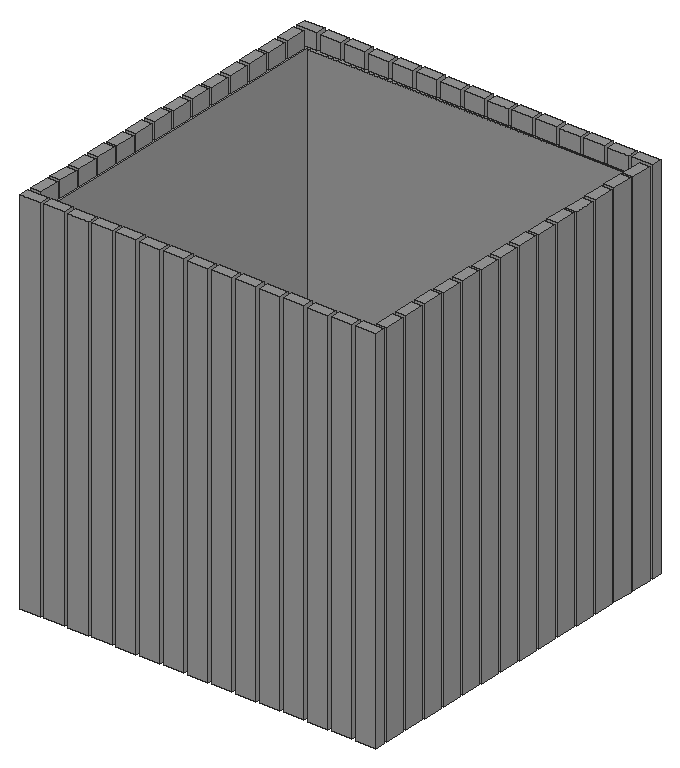
Revit family "5972 Вазон «Олеандр» Хоббика", category Антураж, Revit 2018
Family settings
  На основе рабочей плоскости = Нет
  Всегда вертикально = Да
  При загрузке вырезать с полостями = Нет
  Источник визуального образа = Геометрия семейства
  Общий = Нет
  Точка расчета площади = Нет
Parameters (values of type "Версия 700х700")
  Ширина = Длина  # 700 mm
  Цвет отделки = Дерево
  Цвет каркаса = Сталь
  Описание = if(Версия 700х700, "Вазон «Олеандр». Версия 700х700 мм", if(Версия 1000х1000, "Вазон «Олеандр». Версия 1000х1000 мм", "Вазон «Олеандр». Версия 1300х1300 мм"))  # "Вазон «Олеандр». Версия 700х700 мм"
  Материал изделия = "Сталь, Дерево"  # constant formula
  Изображение типоразмера = Вазон «Олеандр» Арт 59972.jpg
  Изготовитель = "ООО «Хоббика»"  # constant formula
  Длина = if(Версия 700х700, 700 mm, if(Версия 1000х1000, 1000 mm, 1300 mm))  # 700 mm
  Группа модели = "Цветочницы и уличные вазоны для цветов"  # constant formula
  Высота = if(Версия 700х700, 730 mm, if(Версия 1000х1000, 1000 mm, 1300 mm))  # 730 mm
  Версия 700х700 = yes
  Версия 1300х1300 = no
  Версия 1000х1000 = no
  Артикул товара = "Арт. 59972"  # constant formula
  URL = "https://hobbyka.ru/product/vazon_dlya_tsvetov_oleandr/"
Reference planes
  plane 1 "По центру (Вперед/Назад)": y = 0
  plane 2: z = 0
  plane 3 "По центру (Влево/Вправо)": x = 0
  plane 4: x = 700
  plane 5: y = 700
  plane 6: z = 730
Dimensions and locks
  "Ширина": plane 5 to plane 1 "По центру (Вперед/Назад)"
  "Длина": plane 3 "По центру (Влево/Вправо)" to plane 4
  "Высота": plane 6 to plane 2
  aligned and locked: level to plane 2
  aligned and locked: plane 1 "По центру (Вперед/Назад)" to nested 2
  aligned and locked: plane 1 "По центру (Вперед/Назад)" to nested 1
  aligned and locked: plane 3 "По центру (Влево/Вправо)" to nested 2
  aligned and locked: plane 3 "По центру (Влево/Вправо)" to nested 1
  aligned and locked: plane 1 "По центру (Вперед/Назад)" to nested 3
  aligned and locked: plane 3 "По центру (Влево/Вправо)" to nested 3
Nested families
  nested 1: "Вазон «Олеандр» Арт 59972 1300х1300" at (0, 0, 0), visible <- "Версия 1300х1300", type "Вазон «Олеандр» Арт 59972 1300х1300"
  nested 2: "Вазон «Олеандр» Арт 59972 700х700" at (0, 0, 0), visible <- "Версия 700х700", type "Вазон «Олеандр» Арт 59972 700х700"
  nested 3: "Вазон «Олеандр» Арт 59972 1000х1000" at (0, 0, 0), visible <- "Версия 1000х1000", type "Вазон «Олеандр» Арт 59972 1000х1000"
Definition of nested family "Вазон «Олеандр» Арт 59972 1300х1300"
  Parameters (values of type "Вазон «Олеандр» Арт 59972 1300х1300")
    Ширина = 1300 mm
    Цвет отделки = none
    Цвет каркаса = none
    Длина = 1300 mm
    Height = 1300 mm
  Reference planes
    plane 1 "По центру (Вперед/Назад)": y = 0
    plane 2: z = 0
    plane 3 "По центру (Влево/Вправо)": x = 0
    plane 4: x = 1300
    plane 5: y = 1300
    plane 6: z = 1300
  Forms (mm)
    Extrusion 1, solid, material <- "Цвет отделки"
      sketch origin (0, 1.5, 0) x (1, 0, 0) y (0, 1, 0)
        loop
          line (20, 1270) -> (0, 1270) -> (0, 1230) -> (20, 1230) -> (20, 1270)
        loop
          line (1300, 1270) -> (1280, 1270) -> (1280, 1230) -> (1300, 1230) -> (1300, 1270)
      from 0 to 1300
    Extrusion 2, solid, material <- "Цвет каркаса"
      sketch origin (0, 0, 0) x (1, 0, 0) y (0, 1, 0)
        loop
          line (20, 1280) -> (20, 20) -> (1280, 20) -> (1280, 1280) -> (20, 1280)
        loop
          line (25, 1275) -> (25, 25) -> (1275, 25) -> (1275, 1275) -> (25, 1275)
      from 0 to 1270
    Extrusion 3, solid, material <- "Цвет каркаса"
      sketch origin (0, 0, 0) x (1, 0, 0) y (0, 1, 0)
        loop
          line (25, 1275) -> (25, 25) -> (1275, 25) -> (1275, 1275) -> (25, 1275)
      from 0 to 5
    Extrusion 4, solid, material <- "Цвет отделки"
      sketch origin (0, 0, 0) x (1, 0, 0) y (0, 1, 0)
        loop
          line (0, 1300) -> (0, 1280) -> (40, 1280) -> (40, 1300) -> (0, 1300)
        loop
          line (0, 20) -> (0, 0) -> (40, 0) -> (40, 20) -> (0, 20)
      from 0 to 1300
    Extrusion 5, solid, material <- "Цвет отделки"
      sketch origin (1260, 0, 0) x (1, 0, 0) y (0, 1, 0)
        loop
          line (0, 1300) -> (0, 1280) -> (40, 1280) -> (40, 1300) -> (0, 1300)
        loop
          line (0, 20) -> (0, 0) -> (40, 0) -> (40, 20) -> (0, 20)
      from 0 to 1300
    Extrusion 6, solid, material <- "Цвет отделки"
      sketch origin (48.462, 0, 0) x (1, 0, 0) y (0, 1, 0)
        loop
          line (0, 1300) -> (0, 1280) -> (40, 1280) -> (40, 1300) -> (0, 1300)
        loop
          line (0, 20) -> (0, 0) -> (40, 0) -> (40, 20) -> (0, 20)
      from 0 to 1300
    Extrusion 7, solid, material <- "Цвет отделки"
      sketch origin (96.923, 0, 0) x (1, 0, 0) y (0, 1, 0)
        loop
          line (0, 1300) -> (0, 1280) -> (40, 1280) -> (40, 1300) -> (0, 1300)
        loop
          line (0, 20) -> (0, 0) -> (40, 0) -> (40, 20) -> (0, 20)
      from 0 to 1300
    Extrusion 8, solid, material <- "Цвет отделки"
      sketch origin (145.385, 0, 0) x (1, 0, 0) y (0, 1, 0)
        loop
          line (0, 1300) -> (0, 1280) -> (40, 1280) -> (40, 1300) -> (0, 1300)
        loop
          line (0, 20) -> (0, 0) -> (40, 0) -> (40, 20) -> (0, 20)
      from 0 to 1300
    Extrusion 9, solid, material <- "Цвет отделки"
      sketch origin (193.846, 0, 0) x (1, 0, 0) y (0, 1, 0)
        loop
          line (0, 1300) -> (0, 1280) -> (40, 1280) -> (40, 1300) -> (0, 1300)
        loop
          line (0, 20) -> (0, 0) -> (40, 0) -> (40, 20) -> (0, 20)
      from 0 to 1300
    Extrusion 10, solid, material <- "Цвет отделки"
      sketch origin (242.308, 0, 0) x (1, 0, 0) y (0, 1, 0)
        loop
          line (0, 1300) -> (0, 1280) -> (40, 1280) -> (40, 1300) -> (0, 1300)
        loop
          line (0, 20) -> (0, 0) -> (40, 0) -> (40, 20) -> (0, 20)
      from 0 to 1300
    Extrusion 11, solid, material <- "Цвет отделки"
      sketch origin (290.769, 0, 0) x (1, 0, 0) y (0, 1, 0)
        loop
          line (0, 1300) -> (0, 1280) -> (40, 1280) -> (40, 1300) -> (0, 1300)
        loop
          line (0, 20) -> (0, 0) -> (40, 0) -> (40, 20) -> (0, 20)
      from 0 to 1300
    Extrusion 12, solid, material <- "Цвет отделки"
      sketch origin (339.231, 0, 0) x (1, 0, 0) y (0, 1, 0)
        loop
          line (0, 1300) -> (0, 1280) -> (40, 1280) -> (40, 1300) -> (0, 1300)
        loop
          line (0, 20) -> (0, 0) -> (40, 0) -> (40, 20) -> (0, 20)
      from 0 to 1300
    Extrusion 13, solid, material <- "Цвет отделки"
      sketch origin (387.692, 0, 0) x (1, 0, 0) y (0, 1, 0)
        loop
          line (0, 1300) -> (0, 1280) -> (40, 1280) -> (40, 1300) -> (0, 1300)
        loop
          line (0, 20) -> (0, 0) -> (40, 0) -> (40, 20) -> (0, 20)
      from 0 to 1300
    Extrusion 14, solid, material <- "Цвет отделки"
      sketch origin (436.154, 0, 0) x (1, 0, 0) y (0, 1, 0)
        loop
          line (0, 1300) -> (0, 1280) -> (40, 1280) -> (40, 1300) -> (0, 1300)
        loop
          line (0, 20) -> (0, 0) -> (40, 0) -> (40, 20) -> (0, 20)
      from 0 to 1300
    Extrusion 15, solid, material <- "Цвет отделки"
      sketch origin (484.615, 0, 0) x (1, 0, 0) y (0, 1, 0)
        loop
          line (0, 1300) -> (0, 1280) -> (40, 1280) -> (40, 1300) -> (0, 1300)
        loop
          line (0, 20) -> (0, 0) -> (40, 0) -> (40, 20) -> (0, 20)
      from 0 to 1300
    Extrusion 16, solid, material <- "Цвет отделки"
      sketch origin (533.077, 0, 0) x (1, 0, 0) y (0, 1, 0)
        loop
          line (0, 1300) -> (0, 1280) -> (40, 1280) -> (40, 1300) -> (0, 1300)
        loop
          line (0, 20) -> (0, 0) -> (40, 0) -> (40, 20) -> (0, 20)
      from 0 to 1300
    Extrusion 17, solid, material <- "Цвет отделки"
      sketch origin (581.538, 0, 0) x (1, 0, 0) y (0, 1, 0)
        loop
          line (0, 1300) -> (0, 1280) -> (40, 1280) -> (40, 1300) -> (0, 1300)
        loop
          line (0, 20) -> (0, 0) -> (40, 0) -> (40, 20) -> (0, 20)
      from 0 to 1300
    Extrusion 18, solid, material <- "Цвет отделки"
      sketch origin (630, 0, 0) x (1, 0, 0) y (0, 1, 0)
        loop
          line (0, 1300) -> (0, 1280) -> (40, 1280) -> (40, 1300) -> (0, 1300)
        loop
          line (0, 20) -> (0, 0) -> (40, 0) -> (40, 20) -> (0, 20)
      from 0 to 1300
    Extrusion 19, solid, material <- "Цвет отделки"
      sketch origin (678.462, 0, 0) x (1, 0, 0) y (0, 1, 0)
        loop
          line (0, 1300) -> (0, 1280) -> (40, 1280) -> (40, 1300) -> (0, 1300)
        loop
          line (0, 20) -> (0, 0) -> (40, 0) -> (40, 20) -> (0, 20)
      from 0 to 1300
    Extrusion 20, solid, material <- "Цвет отделки"
      sketch origin (726.923, 0, 0) x (1, 0, 0) y (0, 1, 0)
        loop
          line (0, 1300) -> (0, 1280) -> (40, 1280) -> (40, 1300) -> (0, 1300)
        loop
          line (0, 20) -> (0, 0) -> (40, 0) -> (40, 20) -> (0, 20)
      from 0 to 1300
    Extrusion 21, solid, material <- "Цвет отделки"
      sketch origin (775.385, 0, 0) x (1, 0, 0) y (0, 1, 0)
        loop
          line (0, 1300) -> (0, 1280) -> (40, 1280) -> (40, 1300) -> (0, 1300)
        loop
          line (0, 20) -> (0, 0) -> (40, 0) -> (40, 20) -> (0, 20)
      from 0 to 1300
    Extrusion 22, solid, material <- "Цвет отделки"
      sketch origin (823.846, 0, 0) x (1, 0, 0) y (0, 1, 0)
        loop
          line (0, 1300) -> (0, 1280) -> (40, 1280) -> (40, 1300) -> (0, 1300)
        loop
          line (0, 20) -> (0, 0) -> (40, 0) -> (40, 20) -> (0, 20)
      from 0 to 1300
    Extrusion 23, solid, material <- "Цвет отделки"
      sketch origin (872.308, 0, 0) x (1, 0, 0) y (0, 1, 0)
        loop
          line (0, 1300) -> (0, 1280) -> (40, 1280) -> (40, 1300) -> (0, 1300)
        loop
          line (0, 20) -> (0, 0) -> (40, 0) -> (40, 20) -> (0, 20)
      from 0 to 1300
    Extrusion 24, solid, material <- "Цвет отделки"
      sketch origin (920.769, 0, 0) x (1, 0, 0) y (0, 1, 0)
        loop
          line (0, 1300) -> (0, 1280) -> (40, 1280) -> (40, 1300) -> (0, 1300)
        loop
          line (0, 20) -> (0, 0) -> (40, 0) -> (40, 20) -> (0, 20)
      from 0 to 1300
    Extrusion 25, solid, material <- "Цвет отделки"
      sketch origin (969.231, 0, 0) x (1, 0, 0) y (0, 1, 0)
        loop
          line (0, 1300) -> (0, 1280) -> (40, 1280) -> (40, 1300) -> (0, 1300)
        loop
          line (0, 20) -> (0, 0) -> (40, 0) -> (40, 20) -> (0, 20)
      from 0 to 1300
    Extrusion 26, solid, material <- "Цвет отделки"
      sketch origin (1017.692, 0, 0) x (1, 0, 0) y (0, 1, 0)
        loop
          line (0, 1300) -> (0, 1280) -> (40, 1280) -> (40, 1300) -> (0, 1300)
        loop
          line (0, 20) -> (0, 0) -> (40, 0) -> (40, 20) -> (0, 20)
      from 0 to 1300
    Extrusion 27, solid, material <- "Цвет отделки"
      sketch origin (1066.154, 0, 0) x (1, 0, 0) y (0, 1, 0)
        loop
          line (0, 1300) -> (0, 1280) -> (40, 1280) -> (40, 1300) -> (0, 1300)
        loop
          line (0, 20) -> (0, 0) -> (40, 0) -> (40, 20) -> (0, 20)
      from 0 to 1300
    Extrusion 28, solid, material <- "Цвет отделки"
      sketch origin (1114.615, 0, 0) x (1, 0, 0) y (0, 1, 0)
        loop
          line (0, 1300) -> (0, 1280) -> (40, 1280) -> (40, 1300) -> (0, 1300)
        loop
          line (0, 20) -> (0, 0) -> (40, 0) -> (40, 20) -> (0, 20)
      from 0 to 1300
    Extrusion 29, solid, material <- "Цвет отделки"
      sketch origin (1163.077, 0, 0) x (1, 0, 0) y (0, 1, 0)
        loop
          line (0, 1300) -> (0, 1280) -> (40, 1280) -> (40, 1300) -> (0, 1300)
        loop
          line (0, 20) -> (0, 0) -> (40, 0) -> (40, 20) -> (0, 20)
      from 0 to 1300
    Extrusion 30, solid, material <- "Цвет отделки"
      sketch origin (1211.538, 0, 0) x (1, 0, 0) y (0, 1, 0)
        loop
          line (0, 1300) -> (0, 1280) -> (40, 1280) -> (40, 1300) -> (0, 1300)
        loop
          line (0, 20) -> (0, 0) -> (40, 0) -> (40, 20) -> (0, 20)
      from 0 to 1300
    Extrusion 31, solid, material <- "Цвет отделки"
      sketch origin (0, -1201.5, 0) x (1, 0, 0) y (0, 1, 0)
        loop
          line (20, 1270) -> (0, 1270) -> (0, 1230) -> (20, 1230) -> (20, 1270)
        loop
          line (1300, 1270) -> (1280, 1270) -> (1280, 1230) -> (1300, 1230) -> (1300, 1270)
      from 0 to 1300
    Extrusion 32, solid, material <- "Цвет отделки"
      sketch origin (0, -46.62, 0) x (1, 0, 0) y (0, 1, 0)
        loop
          line (20, 1270) -> (0, 1270) -> (0, 1230) -> (20, 1230) -> (20, 1270)
        loop
          line (1300, 1270) -> (1280, 1270) -> (1280, 1230) -> (1300, 1230) -> (1300, 1270)
      from 0 to 1300
    Extrusion 33, solid, material <- "Цвет отделки"
      sketch origin (0, -94.74, 0) x (1, 0, 0) y (0, 1, 0)
        loop
          line (20, 1270) -> (0, 1270) -> (0, 1230) -> (20, 1230) -> (20, 1270)
        loop
          line (1300, 1270) -> (1280, 1270) -> (1280, 1230) -> (1300, 1230) -> (1300, 1270)
      from 0 to 1300
    Extrusion 34, solid, material <- "Цвет отделки"
      sketch origin (0, -142.86, 0) x (1, 0, 0) y (0, 1, 0)
        loop
          line (20, 1270) -> (0, 1270) -> (0, 1230) -> (20, 1230) -> (20, 1270)
        loop
          line (1300, 1270) -> (1280, 1270) -> (1280, 1230) -> (1300, 1230) -> (1300, 1270)
      from 0 to 1300
    Extrusion 35, solid, material <- "Цвет отделки"
      sketch origin (0, -190.98, 0) x (1, 0, 0) y (0, 1, 0)
        loop
          line (20, 1270) -> (0, 1270) -> (0, 1230) -> (20, 1230) -> (20, 1270)
        loop
          line (1300, 1270) -> (1280, 1270) -> (1280, 1230) -> (1300, 1230) -> (1300, 1270)
      from 0 to 1300
    Extrusion 36, solid, material <- "Цвет отделки"
      sketch origin (0, -239.1, 0) x (1, 0, 0) y (0, 1, 0)
        loop
          line (20, 1270) -> (0, 1270) -> (0, 1230) -> (20, 1230) -> (20, 1270)
        loop
          line (1300, 1270) -> (1280, 1270) -> (1280, 1230) -> (1300, 1230) -> (1300, 1270)
      from 0 to 1300
    Extrusion 37, solid, material <- "Цвет отделки"
      sketch origin (0, -287.22, 0) x (1, 0, 0) y (0, 1, 0)
        loop
          line (20, 1270) -> (0, 1270) -> (0, 1230) -> (20, 1230) -> (20, 1270)
        loop
          line (1300, 1270) -> (1280, 1270) -> (1280, 1230) -> (1300, 1230) -> (1300, 1270)
      from 0 to 1300
    Extrusion 38, solid, material <- "Цвет отделки"
      sketch origin (0, -335.34, 0) x (1, 0, 0) y (0, 1, 0)
        loop
          line (20, 1270) -> (0, 1270) -> (0, 1230) -> (20, 1230) -> (20, 1270)
        loop
          line (1300, 1270) -> (1280, 1270) -> (1280, 1230) -> (1300, 1230) -> (1300, 1270)
      from 0 to 1300
    Extrusion 39, solid, material <- "Цвет отделки"
      sketch origin (0, -383.46, 0) x (1, 0, 0) y (0, 1, 0)
        loop
          line (20, 1270) -> (0, 1270) -> (0, 1230) -> (20, 1230) -> (20, 1270)
        loop
          line (1300, 1270) -> (1280, 1270) -> (1280, 1230) -> (1300, 1230) -> (1300, 1270)
      from 0 to 1300
    Extrusion 40, solid, material <- "Цвет отделки"
      sketch origin (0, -431.58, 0) x (1, 0, 0) y (0, 1, 0)
        loop
          line (20, 1270) -> (0, 1270) -> (0, 1230) -> (20, 1230) -> (20, 1270)
        loop
          line (1300, 1270) -> (1280, 1270) -> (1280, 1230) -> (1300, 1230) -> (1300, 1270)
      from 0 to 1300
    Extrusion 41, solid, material <- "Цвет отделки"
      sketch origin (0, -479.7, 0) x (1, 0, 0) y (0, 1, 0)
        loop
          line (20, 1270) -> (0, 1270) -> (0, 1230) -> (20, 1230) -> (20, 1270)
        loop
          line (1300, 1270) -> (1280, 1270) -> (1280, 1230) -> (1300, 1230) -> (1300, 1270)
      from 0 to 1300
    Extrusion 42, solid, material <- "Цвет отделки"
      sketch origin (0, -527.82, 0) x (1, 0, 0) y (0, 1, 0)
        loop
          line (20, 1270) -> (0, 1270) -> (0, 1230) -> (20, 1230) -> (20, 1270)
        loop
          line (1300, 1270) -> (1280, 1270) -> (1280, 1230) -> (1300, 1230) -> (1300, 1270)
      from 0 to 1300
    Extrusion 43, solid, material <- "Цвет отделки"
      sketch origin (0, -575.94, 0) x (1, 0, 0) y (0, 1, 0)
        loop
          line (20, 1270) -> (0, 1270) -> (0, 1230) -> (20, 1230) -> (20, 1270)
        loop
          line (1300, 1270) -> (1280, 1270) -> (1280, 1230) -> (1300, 1230) -> (1300, 1270)
      from 0 to 1300
    Extrusion 44, solid, material <- "Цвет отделки"
      sketch origin (0, -624.06, 0) x (1, 0, 0) y (0, 1, 0)
        loop
          line (20, 1270) -> (0, 1270) -> (0, 1230) -> (20, 1230) -> (20, 1270)
        loop
          line (1300, 1270) -> (1280, 1270) -> (1280, 1230) -> (1300, 1230) -> (1300, 1270)
      from 0 to 1300
    Extrusion 45, solid, material <- "Цвет отделки"
      sketch origin (0, -672.18, 0) x (1, 0, 0) y (0, 1, 0)
        loop
          line (20, 1270) -> (0, 1270) -> (0, 1230) -> (20, 1230) -> (20, 1270)
        loop
          line (1300, 1270) -> (1280, 1270) -> (1280, 1230) -> (1300, 1230) -> (1300, 1270)
      from 0 to 1300
    Extrusion 46, solid, material <- "Цвет отделки"
      sketch origin (0, -720.3, 0) x (1, 0, 0) y (0, 1, 0)
        loop
          line (20, 1270) -> (0, 1270) -> (0, 1230) -> (20, 1230) -> (20, 1270)
        loop
          line (1300, 1270) -> (1280, 1270) -> (1280, 1230) -> (1300, 1230) -> (1300, 1270)
      from 0 to 1300
    Extrusion 47, solid, material <- "Цвет отделки"
      sketch origin (0, -768.42, 0) x (1, 0, 0) y (0, 1, 0)
        loop
          line (20, 1270) -> (0, 1270) -> (0, 1230) -> (20, 1230) -> (20, 1270)
        loop
          line (1300, 1270) -> (1280, 1270) -> (1280, 1230) -> (1300, 1230) -> (1300, 1270)
      from 0 to 1300
    Extrusion 48, solid, material <- "Цвет отделки"
      sketch origin (0, -816.54, 0) x (1, 0, 0) y (0, 1, 0)
        loop
          line (20, 1270) -> (0, 1270) -> (0, 1230) -> (20, 1230) -> (20, 1270)
        loop
          line (1300, 1270) -> (1280, 1270) -> (1280, 1230) -> (1300, 1230) -> (1300, 1270)
      from 0 to 1300
    Extrusion 49, solid, material <- "Цвет отделки"
      sketch origin (0, -864.66, 0) x (1, 0, 0) y (0, 1, 0)
        loop
          line (20, 1270) -> (0, 1270) -> (0, 1230) -> (20, 1230) -> (20, 1270)
        loop
          line (1300, 1270) -> (1280, 1270) -> (1280, 1230) -> (1300, 1230) -> (1300, 1270)
      from 0 to 1300
    Extrusion 50, solid, material <- "Цвет отделки"
      sketch origin (0, -912.78, 0) x (1, 0, 0) y (0, 1, 0)
        loop
          line (20, 1270) -> (0, 1270) -> (0, 1230) -> (20, 1230) -> (20, 1270)
        loop
          line (1300, 1270) -> (1280, 1270) -> (1280, 1230) -> (1300, 1230) -> (1300, 1270)
      from 0 to 1300
    Extrusion 51, solid, material <- "Цвет отделки"
      sketch origin (0, -960.9, 0) x (1, 0, 0) y (0, 1, 0)
        loop
          line (20, 1270) -> (0, 1270) -> (0, 1230) -> (20, 1230) -> (20, 1270)
        loop
          line (1300, 1270) -> (1280, 1270) -> (1280, 1230) -> (1300, 1230) -> (1300, 1270)
      from 0 to 1300
    Extrusion 52, solid, material <- "Цвет отделки"
      sketch origin (0, -1009.02, 0) x (1, 0, 0) y (0, 1, 0)
        loop
          line (20, 1270) -> (0, 1270) -> (0, 1230) -> (20, 1230) -> (20, 1270)
        loop
          line (1300, 1270) -> (1280, 1270) -> (1280, 1230) -> (1300, 1230) -> (1300, 1270)
      from 0 to 1300
    Extrusion 53, solid, material <- "Цвет отделки"
      sketch origin (0, -1057.14, 0) x (1, 0, 0) y (0, 1, 0)
        loop
          line (20, 1270) -> (0, 1270) -> (0, 1230) -> (20, 1230) -> (20, 1270)
        loop
          line (1300, 1270) -> (1280, 1270) -> (1280, 1230) -> (1300, 1230) -> (1300, 1270)
      from 0 to 1300
    Extrusion 54, solid, material <- "Цвет отделки"
      sketch origin (0, -1105.26, 0) x (1, 0, 0) y (0, 1, 0)
        loop
          line (20, 1270) -> (0, 1270) -> (0, 1230) -> (20, 1230) -> (20, 1270)
        loop
          line (1300, 1270) -> (1280, 1270) -> (1280, 1230) -> (1300, 1230) -> (1300, 1270)
      from 0 to 1300
    Extrusion 55, solid, material <- "Цвет отделки"
      sketch origin (0, -1153.38, 0) x (1, 0, 0) y (0, 1, 0)
        loop
          line (20, 1270) -> (0, 1270) -> (0, 1230) -> (20, 1230) -> (20, 1270)
        loop
          line (1300, 1270) -> (1280, 1270) -> (1280, 1230) -> (1300, 1230) -> (1300, 1270)
      from 0 to 1300
  Dimensions and locks
    "Ширина": plane 5 to plane 1 "По центру (Вперед/Назад)"
    "Height": plane 6 to plane 2
    "Длина": plane 3 "По центру (Влево/Вправо)" to plane 4
    aligned and locked: level to plane 2
  Automatic sketch dimensions
    Extrusion 1 sketch curve to Extrusion 1 sketch curve = 20 mm  (x2)
    Extrusion 1 sketch curve to Extrusion 1 sketch curve = 1260 mm
    Extrusion 1 sketch curve to Extrusion 1 sketch curve = 0 mm
    Extrusion 1 sketch curve to Extrusion 1 sketch curve = 40 mm  (x2)
    plane 3 "По центру (Влево/Вправо)" to Extrusion 2 sketch curve = 20 mm
    Extrusion 2 sketch curve to plane 4 = 20 mm
    Extrusion 2 sketch curve to plane 1 "По центру (Вперед/Назад)" = 20 mm
    Extrusion 2 sketch curve to plane 5 = 20 mm
    Extrusion 2 sketch curve to Extrusion 2 sketch curve = 5 mm  (x4)
    plane 3 "По центру (Влево/Вправо)" to Extrusion 3 sketch curve = 25 mm
    Extrusion 3 sketch curve to plane 4 = 25 mm
    Extrusion 3 sketch curve to plane 1 "По центру (Вперед/Назад)" = 25 mm
    Extrusion 3 sketch curve to plane 5 = 25 mm
    Extrusion 4 sketch curve to Extrusion 4 sketch curve = 40 mm  (x2)
    Extrusion 4 sketch curve to Extrusion 4 sketch curve = 20 mm  (x2)
    Extrusion 4 sketch curve to Extrusion 4 sketch curve = 0 mm
    Extrusion 4 sketch curve to Extrusion 4 sketch curve = 1260 mm
    Extrusion 5 sketch curve to Extrusion 5 sketch curve = 40 mm  (x2)
    Extrusion 5 sketch curve to Extrusion 5 sketch curve = 20 mm  (x2)
    Extrusion 5 sketch curve to Extrusion 5 sketch curve = 0 mm
    Extrusion 5 sketch curve to Extrusion 5 sketch curve = 1260 mm
    Extrusion 6 sketch curve to Extrusion 6 sketch curve = 40 mm  (x2)
    Extrusion 6 sketch curve to Extrusion 6 sketch curve = 20 mm  (x2)
    Extrusion 6 sketch curve to Extrusion 6 sketch curve = 0 mm
    Extrusion 6 sketch curve to Extrusion 6 sketch curve = 1260 mm
    Extrusion 7 sketch curve to Extrusion 7 sketch curve = 40 mm  (x2)
    Extrusion 7 sketch curve to Extrusion 7 sketch curve = 20 mm  (x2)
    Extrusion 7 sketch curve to Extrusion 7 sketch curve = 0 mm
    Extrusion 7 sketch curve to Extrusion 7 sketch curve = 1260 mm
    Extrusion 8 sketch curve to Extrusion 8 sketch curve = 40 mm  (x2)
    Extrusion 8 sketch curve to Extrusion 8 sketch curve = 20 mm  (x2)
    Extrusion 8 sketch curve to Extrusion 8 sketch curve = 0 mm
    Extrusion 8 sketch curve to Extrusion 8 sketch curve = 1260 mm
    Extrusion 9 sketch curve to Extrusion 9 sketch curve = 40 mm  (x2)
    Extrusion 9 sketch curve to Extrusion 9 sketch curve = 20 mm  (x2)
    Extrusion 9 sketch curve to Extrusion 9 sketch curve = 0 mm
    Extrusion 9 sketch curve to Extrusion 9 sketch curve = 1260 mm
    Extrusion 10 sketch curve to Extrusion 10 sketch curve = 40 mm  (x2)
    Extrusion 10 sketch curve to Extrusion 10 sketch curve = 20 mm  (x2)
    Extrusion 10 sketch curve to Extrusion 10 sketch curve = 0 mm
    Extrusion 10 sketch curve to Extrusion 10 sketch curve = 1260 mm
    Extrusion 11 sketch curve to Extrusion 11 sketch curve = 40 mm  (x2)
    Extrusion 11 sketch curve to Extrusion 11 sketch curve = 20 mm  (x2)
    Extrusion 11 sketch curve to Extrusion 11 sketch curve = 0 mm
    Extrusion 11 sketch curve to Extrusion 11 sketch curve = 1260 mm
    Extrusion 12 sketch curve to Extrusion 12 sketch curve = 40 mm  (x2)
    Extrusion 12 sketch curve to Extrusion 12 sketch curve = 20 mm  (x2)
    Extrusion 12 sketch curve to Extrusion 12 sketch curve = 0 mm
    Extrusion 12 sketch curve to Extrusion 12 sketch curve = 1260 mm
    Extrusion 13 sketch curve to Extrusion 13 sketch curve = 40 mm  (x2)
    Extrusion 13 sketch curve to Extrusion 13 sketch curve = 20 mm  (x2)
    Extrusion 13 sketch curve to Extrusion 13 sketch curve = 0 mm
    Extrusion 13 sketch curve to Extrusion 13 sketch curve = 1260 mm
    Extrusion 14 sketch curve to Extrusion 14 sketch curve = 40 mm  (x2)
    Extrusion 14 sketch curve to Extrusion 14 sketch curve = 20 mm  (x2)
    Extrusion 14 sketch curve to Extrusion 14 sketch curve = 0 mm
    Extrusion 14 sketch curve to Extrusion 14 sketch curve = 1260 mm
    Extrusion 15 sketch curve to Extrusion 15 sketch curve = 40 mm  (x2)
    Extrusion 15 sketch curve to Extrusion 15 sketch curve = 20 mm  (x2)
    Extrusion 15 sketch curve to Extrusion 15 sketch curve = 0 mm
    Extrusion 15 sketch curve to Extrusion 15 sketch curve = 1260 mm
    Extrusion 16 sketch curve to Extrusion 16 sketch curve = 40 mm  (x2)
    Extrusion 16 sketch curve to Extrusion 16 sketch curve = 20 mm  (x2)
    Extrusion 16 sketch curve to Extrusion 16 sketch curve = 0 mm
    Extrusion 16 sketch curve to Extrusion 16 sketch curve = 1260 mm
    Extrusion 17 sketch curve to Extrusion 17 sketch curve = 40 mm  (x2)
    Extrusion 17 sketch curve to Extrusion 17 sketch curve = 20 mm  (x2)
    Extrusion 17 sketch curve to Extrusion 17 sketch curve = 0 mm
    Extrusion 17 sketch curve to Extrusion 17 sketch curve = 1260 mm
    Extrusion 18 sketch curve to Extrusion 18 sketch curve = 40 mm  (x2)
    Extrusion 18 sketch curve to Extrusion 18 sketch curve = 20 mm  (x2)
    Extrusion 18 sketch curve to Extrusion 18 sketch curve = 0 mm
    Extrusion 18 sketch curve to Extrusion 18 sketch curve = 1260 mm
    Extrusion 19 sketch curve to Extrusion 19 sketch curve = 40 mm  (x2)
    Extrusion 19 sketch curve to Extrusion 19 sketch curve = 20 mm  (x2)
    Extrusion 19 sketch curve to Extrusion 19 sketch curve = 0 mm
    Extrusion 19 sketch curve to Extrusion 19 sketch curve = 1260 mm
    Extrusion 20 sketch curve to Extrusion 20 sketch curve = 40 mm  (x2)
    Extrusion 20 sketch curve to Extrusion 20 sketch curve = 20 mm  (x2)
    Extrusion 20 sketch curve to Extrusion 20 sketch curve = 0 mm
    Extrusion 20 sketch curve to Extrusion 20 sketch curve = 1260 mm
    Extrusion 21 sketch curve to Extrusion 21 sketch curve = 40 mm  (x2)
    Extrusion 21 sketch curve to Extrusion 21 sketch curve = 20 mm  (x2)
    Extrusion 21 sketch curve to Extrusion 21 sketch curve = 0 mm
    Extrusion 21 sketch curve to Extrusion 21 sketch curve = 1260 mm
    Extrusion 22 sketch curve to Extrusion 22 sketch curve = 40 mm  (x2)
    Extrusion 22 sketch curve to Extrusion 22 sketch curve = 20 mm  (x2)
    Extrusion 22 sketch curve to Extrusion 22 sketch curve = 0 mm
    Extrusion 22 sketch curve to Extrusion 22 sketch curve = 1260 mm
    Extrusion 23 sketch curve to Extrusion 23 sketch curve = 40 mm  (x2)
    Extrusion 23 sketch curve to Extrusion 23 sketch curve = 20 mm  (x2)
    Extrusion 23 sketch curve to Extrusion 23 sketch curve = 0 mm
    Extrusion 23 sketch curve to Extrusion 23 sketch curve = 1260 mm
    Extrusion 24 sketch curve to Extrusion 24 sketch curve = 40 mm  (x2)
    Extrusion 24 sketch curve to Extrusion 24 sketch curve = 20 mm  (x2)
    Extrusion 24 sketch curve to Extrusion 24 sketch curve = 0 mm
    Extrusion 24 sketch curve to Extrusion 24 sketch curve = 1260 mm
    Extrusion 25 sketch curve to Extrusion 25 sketch curve = 40 mm  (x2)
    Extrusion 25 sketch curve to Extrusion 25 sketch curve = 20 mm  (x2)
    Extrusion 25 sketch curve to Extrusion 25 sketch curve = 0 mm
    Extrusion 25 sketch curve to Extrusion 25 sketch curve = 1260 mm
    Extrusion 26 sketch curve to Extrusion 26 sketch curve = 40 mm  (x2)
    Extrusion 26 sketch curve to Extrusion 26 sketch curve = 20 mm  (x2)
    Extrusion 26 sketch curve to Extrusion 26 sketch curve = 0 mm
    Extrusion 26 sketch curve to Extrusion 26 sketch curve = 1260 mm
    Extrusion 27 sketch curve to Extrusion 27 sketch curve = 40 mm  (x2)
    Extrusion 27 sketch curve to Extrusion 27 sketch curve = 20 mm  (x2)
    Extrusion 27 sketch curve to Extrusion 27 sketch curve = 0 mm
    Extrusion 27 sketch curve to Extrusion 27 sketch curve = 1260 mm
    Extrusion 28 sketch curve to Extrusion 28 sketch curve = 40 mm  (x2)
    Extrusion 28 sketch curve to Extrusion 28 sketch curve = 20 mm  (x2)
    Extrusion 28 sketch curve to Extrusion 28 sketch curve = 0 mm
    Extrusion 28 sketch curve to Extrusion 28 sketch curve = 1260 mm
    Extrusion 29 sketch curve to Extrusion 29 sketch curve = 40 mm  (x2)
    Extrusion 29 sketch curve to Extrusion 29 sketch curve = 20 mm  (x2)
    Extrusion 29 sketch curve to Extrusion 29 sketch curve = 0 mm
    Extrusion 29 sketch curve to Extrusion 29 sketch curve = 1260 mm
    Extrusion 30 sketch curve to Extrusion 30 sketch curve = 40 mm  (x2)
    Extrusion 30 sketch curve to Extrusion 30 sketch curve = 20 mm  (x2)
    Extrusion 30 sketch curve to Extrusion 30 sketch curve = 0 mm
    Extrusion 30 sketch curve to Extrusion 30 sketch curve = 1260 mm
    Extrusion 31 sketch curve to Extrusion 31 sketch curve = 20 mm  (x2)
    Extrusion 31 sketch curve to Extrusion 31 sketch curve = 1260 mm
    Extrusion 31 sketch curve to Extrusion 31 sketch curve = 0 mm
    Extrusion 31 sketch curve to Extrusion 31 sketch curve = 40 mm  (x2)
    Extrusion 32 sketch curve to Extrusion 32 sketch curve = 20 mm  (x2)
    Extrusion 32 sketch curve to Extrusion 32 sketch curve = 1260 mm
    Extrusion 32 sketch curve to Extrusion 32 sketch curve = 0 mm
    Extrusion 32 sketch curve to Extrusion 32 sketch curve = 40 mm  (x2)
    Extrusion 33 sketch curve to Extrusion 33 sketch curve = 20 mm  (x2)
    Extrusion 33 sketch curve to Extrusion 33 sketch curve = 1260 mm
    Extrusion 33 sketch curve to Extrusion 33 sketch curve = 0 mm
    Extrusion 33 sketch curve to Extrusion 33 sketch curve = 40 mm  (x2)
    Extrusion 34 sketch curve to Extrusion 34 sketch curve = 20 mm  (x2)
    Extrusion 34 sketch curve to Extrusion 34 sketch curve = 1260 mm
    Extrusion 34 sketch curve to Extrusion 34 sketch curve = 0 mm
    Extrusion 34 sketch curve to Extrusion 34 sketch curve = 40 mm  (x2)
    Extrusion 35 sketch curve to Extrusion 35 sketch curve = 20 mm  (x2)
    Extrusion 35 sketch curve to Extrusion 35 sketch curve = 1260 mm
    Extrusion 35 sketch curve to Extrusion 35 sketch curve = 0 mm
    Extrusion 35 sketch curve to Extrusion 35 sketch curve = 40 mm  (x2)
    Extrusion 36 sketch curve to Extrusion 36 sketch curve = 20 mm  (x2)
    Extrusion 36 sketch curve to Extrusion 36 sketch curve = 1260 mm
    Extrusion 36 sketch curve to Extrusion 36 sketch curve = 0 mm
    Extrusion 36 sketch curve to Extrusion 36 sketch curve = 40 mm  (x2)
    Extrusion 37 sketch curve to Extrusion 37 sketch curve = 20 mm  (x2)
    Extrusion 37 sketch curve to Extrusion 37 sketch curve = 1260 mm
    Extrusion 37 sketch curve to Extrusion 37 sketch curve = 0 mm
    Extrusion 37 sketch curve to Extrusion 37 sketch curve = 40 mm  (x2)
    Extrusion 38 sketch curve to Extrusion 38 sketch curve = 20 mm  (x2)
    Extrusion 38 sketch curve to Extrusion 38 sketch curve = 1260 mm
    Extrusion 38 sketch curve to Extrusion 38 sketch curve = 0 mm
    Extrusion 38 sketch curve to Extrusion 38 sketch curve = 40 mm  (x2)
    Extrusion 39 sketch curve to Extrusion 39 sketch curve = 20 mm  (x2)
    Extrusion 39 sketch curve to Extrusion 39 sketch curve = 1260 mm
    Extrusion 39 sketch curve to Extrusion 39 sketch curve = 0 mm
    Extrusion 39 sketch curve to Extrusion 39 sketch curve = 40 mm  (x2)
    Extrusion 40 sketch curve to Extrusion 40 sketch curve = 20 mm  (x2)
    Extrusion 40 sketch curve to Extrusion 40 sketch curve = 1260 mm
    Extrusion 40 sketch curve to Extrusion 40 sketch curve = 0 mm
    Extrusion 40 sketch curve to Extrusion 40 sketch curve = 40 mm  (x2)
    Extrusion 41 sketch curve to Extrusion 41 sketch curve = 20 mm  (x2)
    Extrusion 41 sketch curve to Extrusion 41 sketch curve = 1260 mm
    Extrusion 41 sketch curve to Extrusion 41 sketch curve = 0 mm
    Extrusion 41 sketch curve to Extrusion 41 sketch curve = 40 mm  (x2)
    Extrusion 42 sketch curve to Extrusion 42 sketch curve = 20 mm  (x2)
    Extrusion 42 sketch curve to Extrusion 42 sketch curve = 1260 mm
    Extrusion 42 sketch curve to Extrusion 42 sketch curve = 0 mm
    Extrusion 42 sketch curve to Extrusion 42 sketch curve = 40 mm  (x2)
    Extrusion 43 sketch curve to Extrusion 43 sketch curve = 20 mm  (x2)
    Extrusion 43 sketch curve to Extrusion 43 sketch curve = 1260 mm
    Extrusion 43 sketch curve to Extrusion 43 sketch curve = 0 mm
    Extrusion 43 sketch curve to Extrusion 43 sketch curve = 40 mm  (x2)
    Extrusion 44 sketch curve to Extrusion 44 sketch curve = 20 mm  (x2)
    Extrusion 44 sketch curve to Extrusion 44 sketch curve = 1260 mm
    Extrusion 44 sketch curve to Extrusion 44 sketch curve = 0 mm
    Extrusion 44 sketch curve to Extrusion 44 sketch curve = 40 mm  (x2)
    Extrusion 45 sketch curve to Extrusion 45 sketch curve = 20 mm  (x2)
    Extrusion 45 sketch curve to Extrusion 45 sketch curve = 1260 mm
    Extrusion 45 sketch curve to Extrusion 45 sketch curve = 0 mm
    Extrusion 45 sketch curve to Extrusion 45 sketch curve = 40 mm  (x2)
    Extrusion 46 sketch curve to Extrusion 46 sketch curve = 20 mm  (x2)
    Extrusion 46 sketch curve to Extrusion 46 sketch curve = 1260 mm
    Extrusion 46 sketch curve to Extrusion 46 sketch curve = 0 mm
    Extrusion 46 sketch curve to Extrusion 46 sketch curve = 40 mm  (x2)
    Extrusion 47 sketch curve to Extrusion 47 sketch curve = 20 mm  (x2)
    Extrusion 47 sketch curve to Extrusion 47 sketch curve = 1260 mm
    Extrusion 47 sketch curve to Extrusion 47 sketch curve = 0 mm
    Extrusion 47 sketch curve to Extrusion 47 sketch curve = 40 mm  (x2)
    Extrusion 48 sketch curve to Extrusion 48 sketch curve = 20 mm  (x2)
    Extrusion 48 sketch curve to Extrusion 48 sketch curve = 1260 mm
    Extrusion 48 sketch curve to Extrusion 48 sketch curve = 0 mm
    Extrusion 48 sketch curve to Extrusion 48 sketch curve = 40 mm  (x2)
    Extrusion 49 sketch curve to Extrusion 49 sketch curve = 20 mm  (x2)
    Extrusion 49 sketch curve to Extrusion 49 sketch curve = 1260 mm
    Extrusion 49 sketch curve to Extrusion 49 sketch curve = 0 mm
    Extrusion 49 sketch curve to Extrusion 49 sketch curve = 40 mm  (x2)
    Extrusion 50 sketch curve to Extrusion 50 sketch curve = 20 mm  (x2)
    Extrusion 50 sketch curve to Extrusion 50 sketch curve = 1260 mm
    Extrusion 50 sketch curve to Extrusion 50 sketch curve = 0 mm
    Extrusion 50 sketch curve to Extrusion 50 sketch curve = 40 mm  (x2)
    Extrusion 51 sketch curve to Extrusion 51 sketch curve = 20 mm  (x2)
    Extrusion 51 sketch curve to Extrusion 51 sketch curve = 1260 mm
    Extrusion 51 sketch curve to Extrusion 51 sketch curve = 0 mm
    Extrusion 51 sketch curve to Extrusion 51 sketch curve = 40 mm  (x2)
    Extrusion 52 sketch curve to Extrusion 52 sketch curve = 20 mm  (x2)
    Extrusion 52 sketch curve to Extrusion 52 sketch curve = 1260 mm
    Extrusion 52 sketch curve to Extrusion 52 sketch curve = 0 mm
    Extrusion 52 sketch curve to Extrusion 52 sketch curve = 40 mm  (x2)
    Extrusion 53 sketch curve to Extrusion 53 sketch curve = 20 mm  (x2)
    Extrusion 53 sketch curve to Extrusion 53 sketch curve = 1260 mm
    Extrusion 53 sketch curve to Extrusion 53 sketch curve = 0 mm
    Extrusion 53 sketch curve to Extrusion 53 sketch curve = 40 mm  (x2)
    Extrusion 54 sketch curve to Extrusion 54 sketch curve = 20 mm  (x2)
    Extrusion 54 sketch curve to Extrusion 54 sketch curve = 1260 mm
    Extrusion 54 sketch curve to Extrusion 54 sketch curve = 0 mm
    Extrusion 54 sketch curve to Extrusion 54 sketch curve = 40 mm  (x2)
    Extrusion 55 sketch curve to Extrusion 55 sketch curve = 20 mm  (x2)
    Extrusion 55 sketch curve to Extrusion 55 sketch curve = 1260 mm
    Extrusion 55 sketch curve to Extrusion 55 sketch curve = 0 mm
    Extrusion 55 sketch curve to Extrusion 55 sketch curve = 40 mm  (x2)
    Extrusion 1 sketch curve to plane 3 "По центру (Влево/Вправо)" = 0 mm
    Extrusion 1 sketch curve to plane 5 = 68.5 mm
    Extrusion 4 sketch curve to plane 3 "По центру (Влево/Вправо)" = 0 mm
    plane 1 "По центру (Вперед/Назад)" to Extrusion 4 sketch curve = 0 mm
    plane 5 to Extrusion 5 sketch curve = 0 mm
    Extrusion 5 sketch curve to plane 4 = 0 mm
    Extrusion 6 sketch curve to plane 5 = 0 mm
    plane 3 "По центру (Влево/Вправо)" to Extrusion 6 sketch curve = 48.462 mm
    Extrusion 7 sketch curve to plane 5 = 0 mm
    plane 3 "По центру (Влево/Вправо)" to Extrusion 7 sketch curve = 96.923 mm
    Extrusion 8 sketch curve to plane 5 = 0 mm
    plane 3 "По центру (Влево/Вправо)" to Extrusion 8 sketch curve = 145.385 mm
    Extrusion 9 sketch curve to plane 5 = 0 mm
    plane 3 "По центру (Влево/Вправо)" to Extrusion 9 sketch curve = 193.846 mm
    Extrusion 10 sketch curve to plane 5 = 0 mm
    plane 3 "По центру (Влево/Вправо)" to Extrusion 10 sketch curve = 242.308 mm
    Extrusion 11 sketch curve to plane 5 = 0 mm
    plane 3 "По центру (Влево/Вправо)" to Extrusion 11 sketch curve = 290.769 mm
    Extrusion 12 sketch curve to plane 5 = 0 mm
    plane 3 "По центру (Влево/Вправо)" to Extrusion 12 sketch curve = 339.231 mm
    Extrusion 13 sketch curve to plane 5 = 0 mm
    plane 3 "По центру (Влево/Вправо)" to Extrusion 13 sketch curve = 387.692 mm
    Extrusion 14 sketch curve to plane 5 = 0 mm
    plane 3 "По центру (Влево/Вправо)" to Extrusion 14 sketch curve = 436.154 mm
    Extrusion 15 sketch curve to plane 5 = 0 mm
    plane 3 "По центру (Влево/Вправо)" to Extrusion 15 sketch curve = 484.615 mm
    Extrusion 16 sketch curve to plane 5 = 0 mm
    plane 3 "По центру (Влево/Вправо)" to Extrusion 16 sketch curve = 533.077 mm
    Extrusion 17 sketch curve to plane 5 = 0 mm
    plane 3 "По центру (Влево/Вправо)" to Extrusion 17 sketch curve = 581.538 mm
    Extrusion 18 sketch curve to plane 5 = 0 mm
    plane 3 "По центру (Влево/Вправо)" to Extrusion 18 sketch curve = 630 mm
    Extrusion 19 sketch curve to plane 5 = 0 mm
    Extrusion 19 sketch curve to plane 4 = 621.538 mm
    Extrusion 20 sketch curve to plane 5 = 0 mm
    Extrusion 20 sketch curve to plane 4 = 573.077 mm
    Extrusion 21 sketch curve to plane 5 = 0 mm
    Extrusion 21 sketch curve to plane 4 = 524.615 mm
    Extrusion 22 sketch curve to plane 5 = 0 mm
    Extrusion 22 sketch curve to plane 4 = 476.154 mm
    Extrusion 23 sketch curve to plane 5 = 0 mm
    Extrusion 23 sketch curve to plane 4 = 427.692 mm
    Extrusion 24 sketch curve to plane 5 = 0 mm
    Extrusion 24 sketch curve to plane 4 = 379.231 mm
    Extrusion 25 sketch curve to plane 5 = 0 mm
    Extrusion 25 sketch curve to plane 4 = 330.769 mm
    Extrusion 26 sketch curve to plane 5 = 0 mm
    Extrusion 26 sketch curve to plane 4 = 282.308 mm
    Extrusion 27 sketch curve to plane 5 = 0 mm
    Extrusion 27 sketch curve to plane 4 = 233.846 mm
    Extrusion 28 sketch curve to plane 5 = 0 mm
    Extrusion 28 sketch curve to plane 4 = 185.385 mm
    plane 5 to Extrusion 29 sketch curve = 0 mm
    Extrusion 29 sketch curve to plane 4 = 136.923 mm
    plane 5 to Extrusion 30 sketch curve = 0 mm
    Extrusion 30 sketch curve to plane 4 = 88.462 mm
    Extrusion 31 sketch curve to plane 3 "По центру (Влево/Вправо)" = 0 mm
    Extrusion 31 sketch curve to plane 1 "По центру (Вперед/Назад)" = 28.5 mm
    Extrusion 32 sketch curve to plane 3 "По центру (Влево/Вправо)" = 0 mm
    Extrusion 32 sketch curve to plane 5 = 116.62 mm
    Extrusion 33 sketch curve to plane 3 "По центру (Влево/Вправо)" = 0 mm
    Extrusion 33 sketch curve to plane 5 = 164.74 mm
    Extrusion 34 sketch curve to plane 3 "По центру (Влево/Вправо)" = 0 mm
    Extrusion 34 sketch curve to plane 5 = 212.86 mm
    Extrusion 35 sketch curve to plane 3 "По центру (Влево/Вправо)" = 0 mm
    Extrusion 35 sketch curve to plane 5 = 260.98 mm
    Extrusion 36 sketch curve to plane 3 "По центру (Влево/Вправо)" = 0 mm
    Extrusion 36 sketch curve to plane 5 = 309.1 mm
    Extrusion 37 sketch curve to plane 3 "По центру (Влево/Вправо)" = 0 mm
    Extrusion 37 sketch curve to plane 5 = 357.22 mm
    Extrusion 38 sketch curve to plane 3 "По центру (Влево/Вправо)" = 0 mm
    Extrusion 38 sketch curve to plane 5 = 405.34 mm
    Extrusion 39 sketch curve to plane 3 "По центру (Влево/Вправо)" = 0 mm
    Extrusion 39 sketch curve to plane 5 = 453.46 mm
    Extrusion 40 sketch curve to plane 3 "По центру (Влево/Вправо)" = 0 mm
    Extrusion 40 sketch curve to plane 5 = 501.58 mm
    Extrusion 41 sketch curve to plane 3 "По центру (Влево/Вправо)" = 0 mm
    Extrusion 41 sketch curve to plane 5 = 549.7 mm
    Extrusion 42 sketch curve to plane 3 "По центру (Влево/Вправо)" = 0 mm
    Extrusion 42 sketch curve to plane 5 = 597.82 mm
    Extrusion 43 sketch curve to plane 3 "По центру (Влево/Вправо)" = 0 mm
    Extrusion 43 sketch curve to plane 5 = 645.94 mm
    Extrusion 44 sketch curve to plane 3 "По центру (Влево/Вправо)" = 0 mm
    Extrusion 44 sketch curve to plane 1 "По центру (Вперед/Назад)" = 605.94 mm
    Extrusion 45 sketch curve to plane 3 "По центру (Влево/Вправо)" = 0 mm
    Extrusion 45 sketch curve to plane 1 "По центру (Вперед/Назад)" = 557.82 mm
    Extrusion 46 sketch curve to plane 3 "По центру (Влево/Вправо)" = 0 mm
    Extrusion 46 sketch curve to plane 1 "По центру (Вперед/Назад)" = 509.7 mm
    Extrusion 47 sketch curve to plane 3 "По центру (Влево/Вправо)" = 0 mm
    Extrusion 47 sketch curve to plane 1 "По центру (Вперед/Назад)" = 461.58 mm
    Extrusion 48 sketch curve to plane 3 "По центру (Влево/Вправо)" = 0 mm
    Extrusion 48 sketch curve to plane 1 "По центру (Вперед/Назад)" = 413.46 mm
    Extrusion 49 sketch curve to plane 3 "По центру (Влево/Вправо)" = 0 mm
    Extrusion 49 sketch curve to plane 1 "По центру (Вперед/Назад)" = 365.34 mm
    Extrusion 50 sketch curve to plane 3 "По центру (Влево/Вправо)" = 0 mm
    Extrusion 50 sketch curve to plane 1 "По центру (Вперед/Назад)" = 317.22 mm
    Extrusion 51 sketch curve to plane 3 "По центру (Влево/Вправо)" = 0 mm
    Extrusion 51 sketch curve to plane 1 "По центру (Вперед/Назад)" = 269.1 mm
    Extrusion 52 sketch curve to plane 3 "По центру (Влево/Вправо)" = 0 mm
    Extrusion 52 sketch curve to plane 1 "По центру (Вперед/Назад)" = 220.98 mm
    Extrusion 53 sketch curve to plane 3 "По центру (Влево/Вправо)" = 0 mm
    Extrusion 53 sketch curve to plane 1 "По центру (Вперед/Назад)" = 172.86 mm
    Extrusion 54 sketch curve to plane 3 "По центру (Влево/Вправо)" = 0 mm
    Extrusion 54 sketch curve to plane 1 "По центру (Вперед/Назад)" = 124.74 mm
    Extrusion 55 sketch curve to plane 3 "По центру (Влево/Вправо)" = 0 mm
    Extrusion 55 sketch curve to plane 1 "По центру (Вперед/Назад)" = 76.62 mm
Definition of nested family "Вазон «Олеандр» Арт 59972 700х700"
  Parameters (values of type "Вазон «Олеандр» Арт 59972 700х700")
    Ширина = 700 mm
    Цвет отделки = none
    Цвет каркаса = none
    Длина = 700 mm
    Height = 730 mm
  Reference planes
    plane 1 "По центру (Вперед/Назад)": y = 0
    plane 2: z = 0
    plane 3 "По центру (Влево/Вправо)": x = 0
    plane 4: x = 700
    plane 5: y = 700
    plane 6: z = 730
  Forms (mm)
    Extrusion 1, solid, material <- "Цвет отделки"
      sketch origin (0, 0, 0) x (1, 0, 0) y (0, 1, 0)
        loop
          line (0, 700) -> (0, 680) -> (40, 680) -> (40, 700) -> (0, 700)
        loop
          line (0, 20) -> (0, 0) -> (40, 0) -> (40, 20) -> (0, 20)
      from 0 to 730
    Extrusion 2, solid, material <- "Цвет отделки"
      sketch origin (660, 0, 0) x (1, 0, 0) y (0, 1, 0)
        loop
          line (0, 700) -> (0, 680) -> (40, 680) -> (40, 700) -> (0, 700)
        loop
          line (0, 20) -> (0, 0) -> (40, 0) -> (40, 20) -> (0, 20)
      from 0 to 730
    Extrusion 3, solid, material <- "Цвет отделки"
      sketch origin (47.143, 0, 0) x (1, 0, 0) y (0, 1, 0)
        loop
          line (0, 700) -> (0, 680) -> (40, 680) -> (40, 700) -> (0, 700)
        loop
          line (0, 20) -> (0, 0) -> (40, 0) -> (40, 20) -> (0, 20)
      from 0 to 730
    Extrusion 4, solid, material <- "Цвет отделки"
      sketch origin (94.286, 0, 0) x (1, 0, 0) y (0, 1, 0)
        loop
          line (0, 700) -> (0, 680) -> (40, 680) -> (40, 700) -> (0, 700)
        loop
          line (0, 20) -> (0, 0) -> (40, 0) -> (40, 20) -> (0, 20)
      from 0 to 730
    Extrusion 5, solid, material <- "Цвет отделки"
      sketch origin (141.429, 0, 0) x (1, 0, 0) y (0, 1, 0)
        loop
          line (0, 700) -> (0, 680) -> (40, 680) -> (40, 700) -> (0, 700)
        loop
          line (0, 20) -> (0, 0) -> (40, 0) -> (40, 20) -> (0, 20)
      from 0 to 730
    Extrusion 6, solid, material <- "Цвет отделки"
      sketch origin (188.571, 0, 0) x (1, 0, 0) y (0, 1, 0)
        loop
          line (0, 700) -> (0, 680) -> (40, 680) -> (40, 700) -> (0, 700)
        loop
          line (0, 20) -> (0, 0) -> (40, 0) -> (40, 20) -> (0, 20)
      from 0 to 730
    Extrusion 7, solid, material <- "Цвет отделки"
      sketch origin (235.714, 0, 0) x (1, 0, 0) y (0, 1, 0)
        loop
          line (0, 700) -> (0, 680) -> (40, 680) -> (40, 700) -> (0, 700)
        loop
          line (0, 20) -> (0, 0) -> (40, 0) -> (40, 20) -> (0, 20)
      from 0 to 730
    Extrusion 8, solid, material <- "Цвет отделки"
      sketch origin (282.857, 0, 0) x (1, 0, 0) y (0, 1, 0)
        loop
          line (0, 700) -> (0, 680) -> (40, 680) -> (40, 700) -> (0, 700)
        loop
          line (0, 20) -> (0, 0) -> (40, 0) -> (40, 20) -> (0, 20)
      from 0 to 730
    Extrusion 9, solid, material <- "Цвет отделки"
      sketch origin (330, 0, 0) x (1, 0, 0) y (0, 1, 0)
        loop
          line (0, 700) -> (0, 680) -> (40, 680) -> (40, 700) -> (0, 700)
        loop
          line (0, 20) -> (0, 0) -> (40, 0) -> (40, 20) -> (0, 20)
      from 0 to 730
    Extrusion 10, solid, material <- "Цвет отделки"
      sketch origin (377.143, 0, 0) x (1, 0, 0) y (0, 1, 0)
        loop
          line (0, 700) -> (0, 680) -> (40, 680) -> (40, 700) -> (0, 700)
        loop
          line (0, 20) -> (0, 0) -> (40, 0) -> (40, 20) -> (0, 20)
      from 0 to 730
    Extrusion 11, solid, material <- "Цвет отделки"
      sketch origin (424.286, 0, 0) x (1, 0, 0) y (0, 1, 0)
        loop
          line (0, 700) -> (0, 680) -> (40, 680) -> (40, 700) -> (0, 700)
        loop
          line (0, 20) -> (0, 0) -> (40, 0) -> (40, 20) -> (0, 20)
      from 0 to 730
    Extrusion 12, solid, material <- "Цвет отделки"
      sketch origin (471.429, 0, 0) x (1, 0, 0) y (0, 1, 0)
        loop
          line (0, 700) -> (0, 680) -> (40, 680) -> (40, 700) -> (0, 700)
        loop
          line (0, 20) -> (0, 0) -> (40, 0) -> (40, 20) -> (0, 20)
      from 0 to 730
    Extrusion 13, solid, material <- "Цвет отделки"
      sketch origin (518.571, 0, 0) x (1, 0, 0) y (0, 1, 0)
        loop
          line (0, 700) -> (0, 680) -> (40, 680) -> (40, 700) -> (0, 700)
        loop
          line (0, 20) -> (0, 0) -> (40, 0) -> (40, 20) -> (0, 20)
      from 0 to 730
    Extrusion 14, solid, material <- "Цвет отделки"
      sketch origin (565.714, 0, 0) x (1, 0, 0) y (0, 1, 0)
        loop
          line (0, 700) -> (0, 680) -> (40, 680) -> (40, 700) -> (0, 700)
        loop
          line (0, 20) -> (0, 0) -> (40, 0) -> (40, 20) -> (0, 20)
      from 0 to 730
    Extrusion 15, solid, material <- "Цвет отделки"
      sketch origin (612.857, 0, 0) x (1, 0, 0) y (0, 1, 0)
        loop
          line (0, 700) -> (0, 680) -> (40, 680) -> (40, 700) -> (0, 700)
        loop
          line (0, 20) -> (0, 0) -> (40, 0) -> (40, 20) -> (0, 20)
      from 0 to 730
    Extrusion 16, solid, material <- "Цвет отделки"
      sketch origin (0, 2.9, 0) x (1, 0, 0) y (0, 1, 0)
        loop
          line (20, 670) -> (0, 670) -> (0, 630) -> (20, 630) -> (20, 670)
        loop
          line (700, 670) -> (680, 670) -> (680, 630) -> (700, 630) -> (700, 670)
      from 0 to 730
    Extrusion 17, solid, material <- "Цвет отделки"
      sketch origin (0, -602.9, 0) x (1, 0, 0) y (0, 1, 0)
        loop
          line (20, 670) -> (0, 670) -> (0, 630) -> (20, 630) -> (20, 670)
        loop
          line (700, 670) -> (680, 670) -> (680, 630) -> (700, 630) -> (700, 670)
      from 0 to 730
    Extrusion 18, solid, material <- "Цвет отделки"
      sketch origin (0, -43.7, 0) x (1, 0, 0) y (0, 1, 0)
        loop
          line (20, 670) -> (0, 670) -> (0, 630) -> (20, 630) -> (20, 670)
        loop
          line (700, 670) -> (680, 670) -> (680, 630) -> (700, 630) -> (700, 670)
      from 0 to 730
    Extrusion 19, solid, material <- "Цвет отделки"
      sketch origin (0, -90.3, 0) x (1, 0, 0) y (0, 1, 0)
        loop
          line (20, 670) -> (0, 670) -> (0, 630) -> (20, 630) -> (20, 670)
        loop
          line (700, 670) -> (680, 670) -> (680, 630) -> (700, 630) -> (700, 670)
      from 0 to 730
    Extrusion 20, solid, material <- "Цвет отделки"
      sketch origin (0, -136.9, 0) x (1, 0, 0) y (0, 1, 0)
        loop
          line (20, 670) -> (0, 670) -> (0, 630) -> (20, 630) -> (20, 670)
        loop
          line (700, 670) -> (680, 670) -> (680, 630) -> (700, 630) -> (700, 670)
      from 0 to 730
    Extrusion 21, solid, material <- "Цвет отделки"
      sketch origin (0, -183.5, 0) x (1, 0, 0) y (0, 1, 0)
        loop
          line (20, 670) -> (0, 670) -> (0, 630) -> (20, 630) -> (20, 670)
        loop
          line (700, 670) -> (680, 670) -> (680, 630) -> (700, 630) -> (700, 670)
      from 0 to 730
    Extrusion 22, solid, material <- "Цвет отделки"
      sketch origin (0, -230.1, 0) x (1, 0, 0) y (0, 1, 0)
        loop
          line (20, 670) -> (0, 670) -> (0, 630) -> (20, 630) -> (20, 670)
        loop
          line (700, 670) -> (680, 670) -> (680, 630) -> (700, 630) -> (700, 670)
      from 0 to 730
    Extrusion 23, solid, material <- "Цвет отделки"
      sketch origin (0, -276.7, 0) x (1, 0, 0) y (0, 1, 0)
        loop
          line (20, 670) -> (0, 670) -> (0, 630) -> (20, 630) -> (20, 670)
        loop
          line (700, 670) -> (680, 670) -> (680, 630) -> (700, 630) -> (700, 670)
      from 0 to 730
    Extrusion 24, solid, material <- "Цвет отделки"
      sketch origin (0, -323.3, 0) x (1, 0, 0) y (0, 1, 0)
        loop
          line (20, 670) -> (0, 670) -> (0, 630) -> (20, 630) -> (20, 670)
        loop
          line (700, 670) -> (680, 670) -> (680, 630) -> (700, 630) -> (700, 670)
      from 0 to 730
    Extrusion 25, solid, material <- "Цвет отделки"
      sketch origin (0, -369.9, 0) x (1, 0, 0) y (0, 1, 0)
        loop
          line (20, 670) -> (0, 670) -> (0, 630) -> (20, 630) -> (20, 670)
        loop
          line (700, 670) -> (680, 670) -> (680, 630) -> (700, 630) -> (700, 670)
      from 0 to 730
    Extrusion 26, solid, material <- "Цвет отделки"
      sketch origin (0, -416.5, 0) x (1, 0, 0) y (0, 1, 0)
        loop
          line (20, 670) -> (0, 670) -> (0, 630) -> (20, 630) -> (20, 670)
        loop
          line (700, 670) -> (680, 670) -> (680, 630) -> (700, 630) -> (700, 670)
      from 0 to 730
    Extrusion 27, solid, material <- "Цвет отделки"
      sketch origin (0, -463.1, 0) x (1, 0, 0) y (0, 1, 0)
        loop
          line (20, 670) -> (0, 670) -> (0, 630) -> (20, 630) -> (20, 670)
        loop
          line (700, 670) -> (680, 670) -> (680, 630) -> (700, 630) -> (700, 670)
      from 0 to 730
    Extrusion 28, solid, material <- "Цвет отделки"
      sketch origin (0, -509.7, 0) x (1, 0, 0) y (0, 1, 0)
        loop
          line (20, 670) -> (0, 670) -> (0, 630) -> (20, 630) -> (20, 670)
        loop
          line (700, 670) -> (680, 670) -> (680, 630) -> (700, 630) -> (700, 670)
      from 0 to 730
    Extrusion 29, solid, material <- "Цвет отделки"
      sketch origin (0, -556.3, 0) x (1, 0, 0) y (0, 1, 0)
        loop
          line (20, 670) -> (0, 670) -> (0, 630) -> (20, 630) -> (20, 670)
        loop
          line (700, 670) -> (680, 670) -> (680, 630) -> (700, 630) -> (700, 670)
      from 0 to 730
    Extrusion 30, solid, material <- "Цвет каркаса"
      sketch origin (0, 0, 0) x (1, 0, 0) y (0, 1, 0)
        loop
          line (20, 680) -> (20, 20) -> (680, 20) -> (680, 680) -> (20, 680)
        loop
          line (25, 675) -> (25, 25) -> (675, 25) -> (675, 675) -> (25, 675)
      from 0 to 700
    Extrusion 31, solid, material <- "Цвет каркаса"
      sketch origin (0, 0, 0) x (1, 0, 0) y (0, 1, 0)
        loop
          line (25, 675) -> (25, 25) -> (675, 25) -> (675, 675) -> (25, 675)
      from 0 to 5
  Dimensions and locks
    "Ширина": plane 5 to plane 1 "По центру (Вперед/Назад)"
    "Длина": plane 3 "По центру (Влево/Вправо)" to plane 4
    "Height": plane 6 to plane 2
    aligned and locked: level to plane 2
  Automatic sketch dimensions
    Extrusion 1 sketch curve to Extrusion 1 sketch curve = 40 mm  (x2)
    Extrusion 1 sketch curve to Extrusion 1 sketch curve = 20 mm  (x2)
    Extrusion 1 sketch curve to Extrusion 1 sketch curve = 0 mm
    Extrusion 1 sketch curve to Extrusion 1 sketch curve = 660 mm
    Extrusion 2 sketch curve to Extrusion 2 sketch curve = 40 mm  (x2)
    Extrusion 2 sketch curve to Extrusion 2 sketch curve = 20 mm  (x2)
    Extrusion 2 sketch curve to Extrusion 2 sketch curve = 0 mm
    Extrusion 2 sketch curve to Extrusion 2 sketch curve = 660 mm
    Extrusion 3 sketch curve to Extrusion 3 sketch curve = 40 mm  (x2)
    Extrusion 3 sketch curve to Extrusion 3 sketch curve = 20 mm  (x2)
    Extrusion 3 sketch curve to Extrusion 3 sketch curve = 0 mm
    Extrusion 3 sketch curve to Extrusion 3 sketch curve = 660 mm
    Extrusion 4 sketch curve to Extrusion 4 sketch curve = 40 mm  (x2)
    Extrusion 4 sketch curve to Extrusion 4 sketch curve = 20 mm  (x2)
    Extrusion 4 sketch curve to Extrusion 4 sketch curve = 0 mm
    Extrusion 4 sketch curve to Extrusion 4 sketch curve = 660 mm
    Extrusion 5 sketch curve to Extrusion 5 sketch curve = 40 mm  (x2)
    Extrusion 5 sketch curve to Extrusion 5 sketch curve = 20 mm  (x2)
    Extrusion 5 sketch curve to Extrusion 5 sketch curve = 0 mm
    Extrusion 5 sketch curve to Extrusion 5 sketch curve = 660 mm
    Extrusion 6 sketch curve to Extrusion 6 sketch curve = 40 mm  (x2)
    Extrusion 6 sketch curve to Extrusion 6 sketch curve = 20 mm  (x2)
    Extrusion 6 sketch curve to Extrusion 6 sketch curve = 0 mm
    Extrusion 6 sketch curve to Extrusion 6 sketch curve = 660 mm
    Extrusion 7 sketch curve to Extrusion 7 sketch curve = 40 mm  (x2)
    Extrusion 7 sketch curve to Extrusion 7 sketch curve = 20 mm  (x2)
    Extrusion 7 sketch curve to Extrusion 7 sketch curve = 0 mm
    Extrusion 7 sketch curve to Extrusion 7 sketch curve = 660 mm
    Extrusion 8 sketch curve to Extrusion 8 sketch curve = 40 mm  (x2)
    Extrusion 8 sketch curve to Extrusion 8 sketch curve = 20 mm  (x2)
    Extrusion 8 sketch curve to Extrusion 8 sketch curve = 0 mm
    Extrusion 8 sketch curve to Extrusion 8 sketch curve = 660 mm
    Extrusion 9 sketch curve to Extrusion 9 sketch curve = 40 mm  (x2)
    Extrusion 9 sketch curve to Extrusion 9 sketch curve = 20 mm  (x2)
    Extrusion 9 sketch curve to Extrusion 9 sketch curve = 0 mm
    Extrusion 9 sketch curve to Extrusion 9 sketch curve = 660 mm
    Extrusion 10 sketch curve to Extrusion 10 sketch curve = 40 mm  (x2)
    Extrusion 10 sketch curve to Extrusion 10 sketch curve = 20 mm  (x2)
    Extrusion 10 sketch curve to Extrusion 10 sketch curve = 0 mm
    Extrusion 10 sketch curve to Extrusion 10 sketch curve = 660 mm
    Extrusion 11 sketch curve to Extrusion 11 sketch curve = 40 mm  (x2)
    Extrusion 11 sketch curve to Extrusion 11 sketch curve = 20 mm  (x2)
    Extrusion 11 sketch curve to Extrusion 11 sketch curve = 0 mm
    Extrusion 11 sketch curve to Extrusion 11 sketch curve = 660 mm
